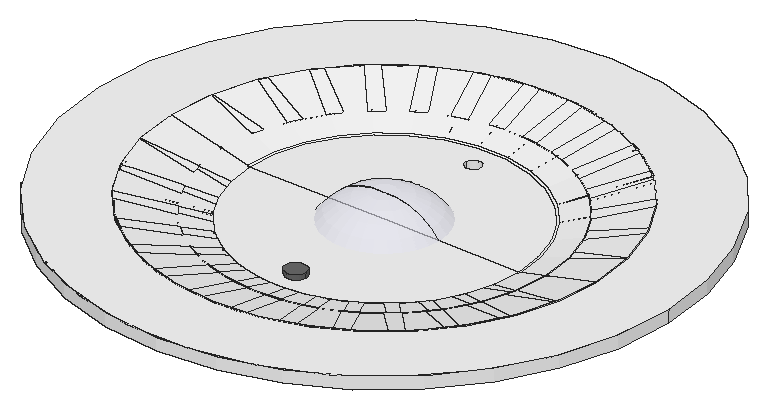
Revit family "Clevertronics_CLIFE-RECSP", category Lighting Fixtures, host Face, Revit 2020
Family settings
  Host = Face
  Round Connector Dimension = Use Diameter
  Part Type = Normal
  Cut with Voids When Loaded = No
  Light Source = Yes
  Shared = No
  Room Calculation Point = No
Parameters (values of type "CLIFE-RECSP-ZW_AUD02120020001")
  Wattage = 42.8 W
  built-in parameter 1150110 = 1 (stored number, unit not read)
  built-in parameter 1150109 = 1 (stored number, unit not read)
  built-in parameter 1150134 = 12
  built-in parameter 1150113 = 1 (stored number, unit not read)
  Clevertronics_Minimum Ceiling Depth = "120mm"  # constant formula
  Clevertronics_Emergency Lamp = "1100760"
  Clevertronics_Ceiling Hole Cut-Out = "80mm"  # constant formula
  Tilt Angle = -90.00°
  Photometric Web File = "200250PH(CLIFE-SM-WP-HV,AS2293.3,Photometry).ies"
  Model = "CLIFE-RECSP-ZW"
  Manufacturer = "Clevertronics"  # constant formula
  Description = "Lifelight IP44 Splashproof Emergency, Recessed Mount, LP, Zoneworks XT"
  CreatedBy = ""
  Clevertronics_Width = 51 mm
  Clevertronics_Weight = "N/A"
  Clevertronics_Viewing Distance = ""
  Clevertronics_Total Lumen Output = ""
  Clevertronics_Testing System = "Zoneworks Computerised Testing"
  Clevertronics_Testing Node = "8001450"
  Clevertronics_Replacement Battery = "1550010"  # constant formula
  Clevertronics_Product Description = "Lifelight IP44 Splashproof Emergency, Recessed Mount, LP, Zoneworks XT"
  Clevertronics_Power Consumption = "1.3 Watts (Standby), 4.5 Watts (Max)"
  Clevertronics_Other Modules = ""
  Clevertronics_Operating Voltage = "240V AC; 50Hz"  # constant formula
  Clevertronics_Operating Temperature = "1˚C to 40˚C"  # constant formula
  Clevertronics_Operating Mode = "Non-maintained"  # constant formula
  Clevertronics_Mounting = "Recessed Ceiling"  # constant formula
  Clevertronics_Material = Clevertronics_Plycarbonate Base
  Lumens = 6259.07 lm
  built-in parameter 1114217 = 1 (stored number, unit not read)
  built-in parameter 1150115 = 1 (stored number, unit not read)
  built-in parameter 1150105 = 498.08 (stored number, unit not read)
  built-in parameter 1150137 = 1
  built-in parameter 1150139 = (empty or 0)
  built-in parameter 1150112 = 1 (stored number, unit not read)
  built-in parameter 1150114 = 1 (stored number, unit not read)
  Lamp = "Single LED (Lifetime warranty on the lamp head and loom assembly)"  # constant formula
  built-in parameter 1150132 = (empty or 0)
  built-in parameter 1150102 = (empty or 0)
  built-in parameter 1150138 = (empty or 0)
  built-in parameter 1150107 = 4000 (stored number, unit not read)
  built-in parameter 1150106 = 4.9808 (stored number, unit not read)
  built-in parameter 1150104 = 13.586 (stored number, unit not read)
  Dimming Lamp Color Temperature Shift = <None>
  Default Elevation = 1200 mm
  Color Filter = 16777215
  Clevertronics_Stacked Symbol Position [instance] = 0
  Clevertronics_MIC Number = "AUD02120020001"
  Clevertronics_Length = 232 mm
  Clevertronics_IP Rating = "IP44 (parts below ceiling) IP20 (parts above ceiling)"  # constant formula
  Clevertronics_Height = 42 mm
  Clevertronics_Emergency Driver = "AUM02170120001\r\nLLIFE-CKIT\r\nAUM01370030002\r\nLLIFE-CKIT\r\nAUM01370030002\r\nLLIFE-CKIT\r\nAUM01370030002 LLIFE-CKIT"
  Clevertronics_Dimensions Main Enclosure = "232mm x 51mm x 42mm (Control pack)_95mm Head diameter"  # constant formula
  Clevertronics_Construction = "PC/ABS head"  # constant formula
  Clevertronics_Charger Method = "Intelligent current limited constant voltage"  # constant formula
  Clevertronics_Battery Type = "LLithium Iron Phosphate"  # constant formula
  Clevertronics_Battery = "3.3V 3200mAh"  # constant formula
  Clevertronics_Applicable Standards = "AS/NZS3820, CISPR15, AS/NZS2293.3"  # constant formula
  Clevertronics_Annotation Vertical Offset [instance] = 0 mm
  Clevertronics_Annotation Size = 0 mm
  Clevertronics_Annotation Horizontal Offset [instance] = 0 mm
  Clevertronics_AS2293 Classification = "C0=D50 C90=D50"  # constant formula
  Clevertronics_240V LED Strip = ""
  Clevertronics_240V Driver = ""
  built-in parameter 1140040 [instance] = 1
  built-in parameter 1114218 = 1 (stored number, unit not read)
  built-in parameter 1150133 = 10 (stored number, unit not read)
  Assembly Code = ""
  Apparent Load = 4.5 VA  # constant formula
Types (9, lengths in mm): name | Clevertronics_Emergency Lamp | Model | Description | Clevertronics_Testing System | Clevertronics_Testing Node | Clevertronics_Product Description | Clevertronics_Power Consumption | Clevertronics_MIC Number | Clevertronics_Emergency Driver
  CLIFE-RECSP_AUD02320030001 | "8050260" | "CLIFE-RECSP" | "LP Premium Lifelight, High Performance, Recessed Emergency Light with IP44 Splash Proof Head, Enabled with Clevertest Plus" | "Clevertest Plus Enabled (Not activated by default)" | "" | "LP Premium Lifelight, High Performance, Recessed Emergency Light with IP44 Splash Proof Head, Enabled with Clevertest Plus" | "1.0 Watts (Standby), 4.2 Watts (Max)" | "AUD02320030001" | "AUM02370010001\r\nLLIFE-CKIT\r\nAUM01370030002\r\nLLIFE-CKIT\r\nAUM01370030002\r\nLLIFE-CKIT\r\nAUM01370030002 LLIFE-CKIT"
  CLIFE-RECSP-BLK_AUD02320040001 | "8050250" | "CLIFE-RECSP-BLK" | "LP Premium Lifelight, High Performance, Recessed Emergency Light with IP44 Splash Proof Head, Black, Enabled with Clevertest Plus" | "Clevertest Plus Enabled (Not activated by default)" | "" | "LP Premium Lifelight, High Performance, Recessed Emergency Light with IP44 Splash Proof Head, Black, Enabled with Clevertest Plus" | "1.0 Watts (Standby), 4.2 Watts (Max)" | "AUD02320040001" | "AUM02370010001\r\nLLIFE-CKIT\r\nAUM01370030002\r\nLLIFE-CKIT\r\nAUM01370030002\r\nLLIFE-CKIT\r\nAUM01370030002 LLIFE-CKIT"
  CLIFE-RECSP-DALI_AUD02220030002 | "1100760" | "CLIFE-RECSP-DALI" | "Lifelight IP44 Splashproof Emergency, Recessed Mount, LP, DALI Emergency, D50" | "DALI Registered" | "8003060" | "Lifelight IP44 Splashproof Emergency, Recessed Mount, LP, DALI Emergency, D50" | "1.3 Watts (Standby), 4.5 Watts (Max)" | "AUD02220030002" | "AUM02270150102\r\nLLIFE-CKIT\r\nAUM01370030002\r\nLLIFE-CKIT\r\nAUM01370030002\r\nLLIFE-CKIT\r\nAUM01370030002 LLIFE-CKIT"
  CLIFE-RECSP-DALI-BLK_AUD02210250002 | "1100762" | "CLIFE-RECSP-DALI-BLK" | "LP Premium Lifelight, Recessed Emergency Light with IP44 Splash Proof Head, Black" | "DALI Registered" | "8003060" | "LP Premium Lifelight, Recessed Emergency Light with IP44 Splash Proof Head, Black" | "1.3 Watts (Standby), 4.5 Watts (Max)" | "AUD02210250002" | "AUM02270150102\r\nLLIFE-CKIT\r\nAUM01370030002\r\nLLIFE-CKIT\r\nAUM01370030002\r\nLLIFE-CKIT\r\nAUM01370030002 LLIFE-CKIT"
  CLIFE-RECSP-HV_AUD02820030001 | "1100760" | "CLIFE-RECSP-HV" | "Lifelight IP44 Splashproof Emergency, Recessed Mount, LP, Zoneworks XT Hive" | "Zoneworks XT HIVE (RF)" | "8003190" | "Lifelight IP44 Splashproof Emergency, Recessed Mount, LP, Zoneworks XT Hive" | "1.3 Watts (Standby), 4.5 Watts (Max)" | "AUD02820030001" | "AUM02870080001\r\nLLIFE-CKIT\r\nAUM01370030002\r\nLLIFE-CKIT\r\nAUM01370030002\r\nLLIFE-CKIT\r\nAUM01370030002 LLIFE-CKIT"
  CLIFE-RECSP-HV-BLK_AUD02820090001 | "1100762" | "CLIFE-RECSP-HV-BLK" | "Lifelight IP44 Splashproof Emergency, Recessed Mount, LP, Zoneworks XT Hive, Black" | "Zoneworks XT HIVE (RF)" | "8003190" | "Lifelight IP44 Splashproof Emergency, Recessed Mount, LP, Zoneworks XT Hive, Black" | "1.3 Watts (Standby), 4.5 Watts (Max)" | "AUD02820090001" | "AUM02870080001\r\nLLIFE-CKIT\r\nAUM01370030002\r\nLLIFE-CKIT\r\nAUM01370030002\r\nLLIFE-CKIT\r\nAUM01370030002 LLIFE-CKIT"
  CLIFE-RECSP-HV-TP_AUD02840020001 | "1100760" | "CLIFE-RECSP-HV-TP" | "Lifelight IP44 Splashproof Emergency, Recessed Mount, LP, Zoneworks XT Hive, Tamperproof Screws, D50" | "Zoneworks XT HIVE (RF)" | "8003191" | "Lifelight IP44 Splashproof Emergency, Recessed Mount, LP, Zoneworks XT Hive, Tamperproof Screws, D50" | "1.3 Watts (Standby), 4.5 Watts (Max)" | "AUD02840020001" | "AUM02870080001\r\nLLIFE-CKIT\r\nAUM01370030002\r\nLLIFE-CKIT\r\nAUM01370030002\r\nLLIFE-CKIT\r\nAUM01370030002 LLIFE-CKIT"
  CLIFE-RECSP-HVG_AUD02920050001 | "1100760" | "CLIFE-RECSP-HVG" | "Lifelight IP44 Splashproof Emergency, Recessed Mount, LP, Zoneworks XT Hive" | "Zoneworks XT HIVE (RF) 2.4GHz" | "8003560" | "Lifelight IP44 Splashproof Emergency, Recessed Mount, LP, Zoneworks XT Hive" | "1.3 Watts (Standby), 4.5 Watts (Max)" | "AUD02920050001" | "AUM02970020001\r\nLLIFE-CKIT\r\nAUM01370030002\r\nLLIFE-CKIT\r\nAUM01370030002\r\nLLIFE-CKIT\r\nAUM01370030002 LLIFE-CKIT"
  CLIFE-RECSP-ZW_AUD02120020001 | "1100760" | "CLIFE-RECSP-ZW" | "Lifelight IP44 Splashproof Emergency, Recessed Mount, LP, Zoneworks XT" | "Zoneworks Computerised Testing" | "8001450" | "Lifelight IP44 Splashproof Emergency, Recessed Mount, LP, Zoneworks XT" | "1.3 Watts (Standby), 4.5 Watts (Max)" | "AUD02120020001" | "AUM02170120001\r\nLLIFE-CKIT\r\nAUM01370030002\r\nLLIFE-CKIT\r\nAUM01370030002\r\nLLIFE-CKIT\r\nAUM01370030002 LLIFE-CKIT"
Reference planes
  plane 1 "Center (Front/Back)": y = 0
  plane 2: z = 0
  plane 3 "Center (Left/Right)": x = 0
  plane 4: y = -203.503
  plane 5: y = 0.604
Forms (mm)
  Extrusion 1, solid, material "Clevertronics_Plycarbonate Base"
    sketch origin (0, 0, 0) x (1, 0, 0) y (0, 1, 0)
      loop
        circle (0, 0) r 47.616
    from 1.124 to 3.193
  Blend 2, solid, material "Clevertronics_Plycarbonate Base"
    base sketch origin (0, 0, 0) x (1, 0, 0) y (0, 1, 0)
      loop
        circle (0, 0) r 46.331
    top sketch origin (0, 0, 0) x (1, 0, 0) y (0, 1, 0)
      loop
        circle (0, 0) r 45.448
    from 1.124 to 0
  Blend 3, void
    base sketch origin (0, 0, 0) x (1, 0, 0) y (0, 1, 0)
      loop
        circle (0, 0) r 35.627
    top sketch origin (0, 0, 0) x (1, 0, 0) y (0, 1, 0)
      loop
        circle (0, 0) r 22.5
    from 3.193 to 0
  Revolve 4, solid, material "Cleavertronics_Glass"
    sketch origin (0, 0, 0) x (1, 0, 0) y (0, 0, 1)
      loop
        line (0, -2.178) -> (10.59, -2.178)
        arc (10.59, -2.178) -> (6.274, 2.588) -> (0, 3.992) r 10.625
        line (0, 3.992) -> (0, -2.178)
      axis (0, 3.992) -> (0, -2.178)
    angle from 0 to 360
  Revolve 5, solid, material "Clevertronics_Plycarbonate Base"
    sketch origin (0, 0, 0) x (1, 0, 0) y (0, 0, 1)
      loop
        line (35.627, 3.193) -> (22.5, 0) -> (0, 0) -> (0, -2.086) -> (22.431, -2.086) -> (35.627, 1.124) -> (35.627, 3.193)
      axis (0, -2.086) -> (0, 3.193)
    angle from 0 to 360
  Extrusion 6, solid, material "Clevertronics_BLK"
    sketch origin (0, 0, 0) x (1, 0, 0) y (0, 1, 0)
      loop
        circle (0, -18.512) r 1.69
    from -4.31 to 0.69
  Extrusion 7, void
    sketch origin (0, 0, 0) x (1, 0, 0) y (0, 1, 0)
      loop
        circle (0.078, 18.488) r 1.286
    from -2.81 to 10.028
Cuts and joins
  Blend 3 cuts Extrusion 1
  Blend 3 cuts Blend 2
  Extrusion 7 cuts Revolve 5
Dimensions and locks
  aligned and locked: host face to plane 2
  aligned and locked: host face to level
Connectors
  electrical at (0, 0, -2.086)
    settings: on cut or joined group of Revolve 5, Extrusion 7, index 1, voltage 240 V, apparent load 0 VA, apparent load phase1 0 VA, apparent load phase2 0 VA, apparent load phase3 0 VA, power factor 1, load classification "Autre", number of poles 1, system type 31, power factor state 1, is connector primary yes, connector utility no, sub classification motor no, connector description ""
